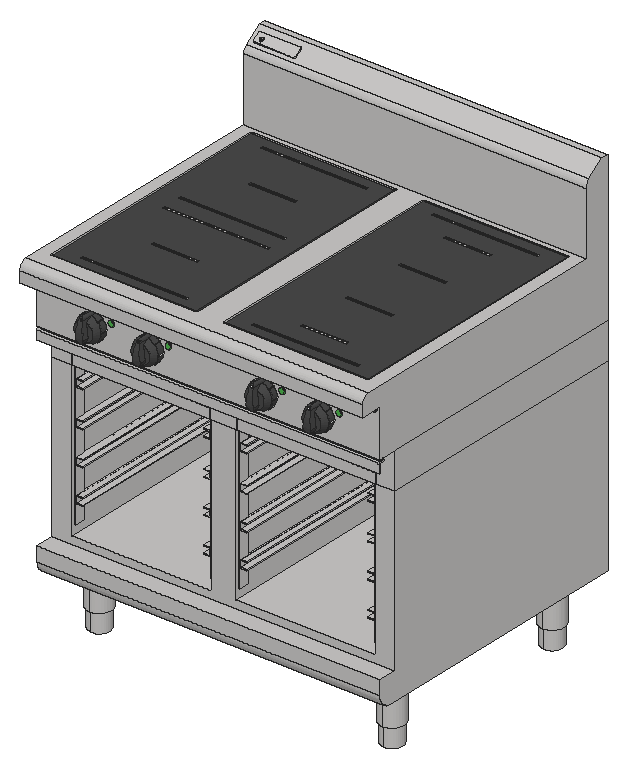
Revit family "QF_Moffat_IN8400R5F-CB_Induction Cooktop_cat", category Specialty Equipment, Revit 2019
Family settings
  Round Connector Dimension = Use Diameter
  Part Type = Normal
  Work Plane-Based = No
  Always vertical = Yes
  Cut with Voids When Loaded = No
  Shared = No
  Room Calculation Point = No
Parameters (values of type "INB8400R5F-CB_415/60/3")
  Weight in Kilograms = 105
  Watts = 20000 W
  Volts = 415 V
  URL Cutsheet = ""
  Specification by User = ""
  Specification by Manufacturer = ""
  Show Logo [instance] = yes
  Serial Number = ""
  Seismic Rating = ""
  SMACNA No = ""
  Revision Code = ""
  Phase = 3
  Number of Poles = 1
  NAFEM Spec ID Number = ""
  Model = "IN8400R5F-CB"
  Min Ckt Ampacity = 0 A
  Max Overcurrent Protection = 0 A
  Masterspec = ""
  Manufacturer = "Moffat"
  Length = 900 mm
  Item Number = ""
  Installed By = ""
  Identify Quantity as Lot = yes
  Height = 1130 mm
  HP = ""
  Furnished By = ""
  Foodservice Equipment Identifier = yes
  FL Amps = 28 A
  Electrical Remarks = ""
  Electric Connection Type = ""
  Elec Conn RI Height = 0 mm
  Elec Conn Connection Height = 0 mm
  Description = "Induction Cooktop"
  Depth = 805 mm
  Cycle = 60 Hz
  Conn Plug = ""
  Conn Conduit = yes
  CSI MasterFormat = ""
  Apparent Power = if(Phase = 3, Volts * FL Amps * 1.73, Volts * FL Amps)  # 20102.6 VA
Reference planes
  plane 1 "BACK": y = 0
  plane 2: z = 0
  plane 3 "LEFT": x = 0
  plane 4 "RIGHT": x = 900
  plane 5 "FRONT": y = -805
  plane 6 "TOP": z = 1130
  plane 7 "Center Y": x = 450
  plane 8 "Center X": y = -402.5
  plane 9: x = 65.5
  plane 10: x = 834.5
  plane 11: y = -30
  plane 12: z = 150
  plane 13: y = -100
  plane 14: y = -625
  plane 15: y = -70
  plane 16: z = 915
  plane 17: x = 770
Forms (mm)
  Extrusion 1, solid, material "QF_Metal_Stainless_Polished"
    sketch origin (0, 0, 560) x (0, 1, 0) y (0, 0, 1)
      loop
        line (0, 180) -> (0, 570) -> (-18.182, 570) -> (-60.863, 538.99)
        arc (-60.863, 538.99) -> (-67.584, 531.121) -> (-70, 521.058) r 22.165
        line (-70, 521.058) -> (-70, 355) -> (-784.417, 355)
        arc (-784.417, 355) -> (-798.971, 348.971) -> (-805, 334.417) r 20.583
        line (-805, 334.417) -> (-805, 305) -> (-749, 305) -> (-749, 180) -> (0, 180)
    from 0 to 900
  Extrusion 2, void
    sketch origin (0, -784.171, 915) x (0, 1, 0) y (-1, 0, 0)
      loop
        arc (699.341, -37.323) -> (697.584, -33.08) -> (693.341, -31.323) r 6
        line (693.341, -31.323) -> (45.245, -31.323)
        arc (45.245, -31.323) -> (41.002, -33.08) -> (39.245, -37.323) r 6
        line (39.245, -37.323) -> (39.245, -410.105)
        arc (39.245, -410.105) -> (41.002, -414.347) -> (45.245, -416.105) r 6
        line (45.245, -416.105) -> (693.341, -416.105)
        arc (693.341, -416.105) -> (697.584, -414.347) -> (699.341, -410.105) r 6
        line (699.341, -410.105) -> (699.341, -37.323)
      loop
        line (699.341, -862.677) -> (699.341, -489.895)
        arc (699.341, -489.895) -> (697.584, -485.653) -> (693.341, -483.895) r 6
        line (693.341, -483.895) -> (45.245, -483.895)
        arc (45.245, -483.895) -> (41.002, -485.653) -> (39.245, -489.895) r 6
        line (39.245, -489.895) -> (39.245, -862.677)
        arc (39.245, -862.677) -> (41.002, -866.92) -> (45.245, -868.677) r 6
        line (45.245, -868.677) -> (693.341, -868.677)
        arc (693.341, -868.677) -> (697.584, -866.92) -> (699.341, -862.677) r 6
    from 0 to -9.5
  Extrusion 3, solid, material "QF_Plastic_Black_Smooth"
    sketch origin (0, -784.171, 915) x (0, 1, 0) y (-1, 0, 0)
      loop
        line (695.341, -410.105) -> (695.341, -37.323)
        arc (695.341, -37.323) -> (694.755, -35.908) -> (693.341, -35.323) r 2
        line (693.341, -35.323) -> (45.245, -35.323)
        arc (45.245, -35.323) -> (43.831, -35.908) -> (43.245, -37.323) r 2
        line (43.245, -37.323) -> (43.245, -410.105)
        arc (43.245, -410.105) -> (43.831, -411.519) -> (45.245, -412.105) r 2
        line (45.245, -412.105) -> (693.341, -412.105)
        arc (693.341, -412.105) -> (694.755, -411.519) -> (695.341, -410.105) r 2
      loop
        line (667.194, -86.598) -> (661.194, -86.598) -> (661.194, -363.75) -> (667.194, -363.75) -> (667.194, -86.598)
      loop
        line (526.611, -163.924) -> (526.611, -283.924) -> (532.611, -283.924) -> (532.611, -163.924) -> (526.611, -163.924)
      loop
        line (398.444, -86.598) -> (392.444, -86.598) -> (392.444, -363.75) -> (398.444, -363.75) -> (398.444, -86.598)
      loop
        line (345.944, -86.598) -> (339.944, -86.598) -> (339.944, -363.75) -> (345.944, -363.75) -> (345.944, -86.598)
      loop
        line (206.611, -163.924) -> (206.611, -283.924) -> (212.611, -283.924) -> (212.611, -163.924) -> (206.611, -163.924)
      loop
        line (77.194, -86.598) -> (71.194, -86.598) -> (71.194, -363.75) -> (77.194, -363.75) -> (77.194, -86.598)
      loop
        arc (695.341, -489.895) -> (694.755, -488.481) -> (693.341, -487.895) r 2
        line (693.341, -487.895) -> (45.245, -487.895)
        arc (45.245, -487.895) -> (43.831, -488.481) -> (43.245, -489.895) r 2
        line (43.245, -489.895) -> (43.245, -862.677)
        arc (43.245, -862.677) -> (43.831, -864.092) -> (45.245, -864.677) r 2
        line (45.245, -864.677) -> (693.341, -864.677)
        arc (693.341, -864.677) -> (694.755, -864.092) -> (695.341, -862.677) r 2
        line (695.341, -862.677) -> (695.341, -489.895)
      loop
        line (667.194, -813.402) -> (667.194, -536.25) -> (661.194, -536.25) -> (661.194, -813.402) -> (667.194, -813.402)
      loop
        line (601.611, -736.076) -> (607.611, -736.076) -> (607.611, -616.076) -> (601.611, -616.076) -> (601.611, -736.076)
      loop
        line (279.111, -736.076) -> (285.111, -736.076) -> (285.111, -616.076) -> (279.111, -616.076) -> (279.111, -736.076)
      loop
        line (77.194, -813.402) -> (77.194, -536.25) -> (71.194, -536.25) -> (71.194, -813.402) -> (77.194, -813.402)
      loop
        line (454.501, -736.076) -> (460.501, -736.076) -> (460.501, -616.076) -> (454.501, -616.076) -> (454.501, -736.076)
      loop
        line (131.211, -736.076) -> (137.211, -736.076) -> (137.211, -616.076) -> (131.211, -616.076) -> (131.211, -736.076)
    from 0 to -9.5
  Extrusion 4, solid, material "QF_Metal_Stainless_Polished"
    sketch origin (0, 0, 600) x (0, 1, 0) y (0, 0, 1)
      loop
        line (-739.467, 140) -> (-738.192, 134.838)
        arc (-738.192, 134.838) -> (-738.307, 134.302) -> (-738.799, 134.063) r 0.625
        line (-738.799, 134.063) -> (-746.111, 134.063)
        arc (-746.111, 134.063) -> (-748.011, 133.276) -> (-748.797, 131.377) r 2.686
        line (-748.797, 131.377) -> (-748.797, 107.627) -> (-747.197, 107.627) -> (-747.197, 131.242)
        arc (-747.197, 131.242) -> (-746.84, 132.105) -> (-745.976, 132.463) r 1.221
        line (-745.976, 132.463) -> (-738.755, 132.463)
        arc (-738.755, 132.463) -> (-737.028, 133.304) -> (-736.625, 135.182) r 2.194
        line (-736.625, 135.182) -> (-737.815, 140) -> (-739.467, 140)
    from 0 to 900
  Extrusion 5, solid, material "QF_Plastic_Black_Smooth"
    sketch origin (0, -749, 741.875) x (0, 0, 1) y (-1, 0, 0)
      loop
        circle (112.843, -13.157) r 5
      loop
        circle (112.843, -886.843) r 5
    from 0 to 1.6
  Extrusion 6, solid, material "QF_Metal_Stainless_Polished"
    sketch origin (450, -699, 645) x (0, 1, 0) y (1, 0, 0)
      loop
        circle (669, 320) r 6.35
    from 0 to 10
  Extrusion 7, solid, material "QF_Metal_Stainless_Polished"
    sketch origin (0, -699, 645) x (1, 0, 0) y (0, -1, 0)
      loop
        line (0, -699) -> (900, -699) -> (900, 0) -> (849.2, 0) -> (849.2, -25.4) -> (485.8, -25.4) -> (485.8, 0) -> (414.2, 0) -> (414.2, -25.4) -> (50.8, -25.4) -> (50.8, 0) -> (0, 0) -> (0, -699)
    from 0 to -95
  Extrusion 8, solid, material "QF_Metal_Stainless_Polished"
    sketch origin (50.8, -30, 645) x (0, 1, 0) y (0, 0, 1)
      loop
        line (-669, 0) -> (-643.6, 0) -> (-643.6, 26.45) -> (-669, 26.45) -> (-669, 0)
      loop
        line (-669, 32.45) -> (-643.6, 32.45) -> (-643.6, 66.4) -> (-669, 66.4) -> (-669, 32.45)
      loop
        line (-669, 67.4) -> (-643.6, 67.4) -> (-643.6, 95) -> (-669, 95) -> (-669, 67.4)
    from 0 to 363.4
  Extrusion 9, solid, material "QF_Metal_Stainless_Polished"
    sketch origin (900, 0, 560) x (-1, 0, 0) y (0, -1, 0)
      loop
        line (536.25, 122.976) -> (536.25, 116.976) -> (813.402, 116.976) -> (813.402, 122.976) -> (536.25, 122.976)
      loop
        line (736.076, 251.56) -> (736.076, 257.56) -> (616.076, 257.56) -> (616.076, 251.56) -> (736.076, 251.56)
      loop
        line (813.402, 385.726) -> (813.402, 391.726) -> (536.25, 391.726) -> (536.25, 385.726) -> (813.402, 385.726)
      loop
        line (813.402, 438.226) -> (813.402, 444.226) -> (536.25, 444.226) -> (536.25, 438.226) -> (813.402, 438.226)
      loop
        line (736.076, 571.56) -> (736.076, 577.56) -> (616.076, 577.56) -> (616.076, 571.56) -> (736.076, 571.56)
      loop
        line (536.25, 712.976) -> (536.25, 706.976) -> (813.402, 706.976) -> (813.402, 712.976) -> (536.25, 712.976)
      loop
        line (86.598, 712.976) -> (86.598, 706.976) -> (363.75, 706.976) -> (363.75, 712.976) -> (86.598, 712.976)
      loop
        line (163.924, 652.959) -> (163.924, 646.959) -> (283.924, 646.959) -> (283.924, 652.959) -> (163.924, 652.959)
      loop
        line (163.924, 505.06) -> (163.924, 499.06) -> (283.924, 499.06) -> (283.924, 505.06) -> (163.924, 505.06)
      loop
        line (163.924, 329.669) -> (163.924, 323.669) -> (283.924, 323.669) -> (283.924, 329.669) -> (163.924, 329.669)
      loop
        line (163.924, 182.56) -> (163.924, 176.56) -> (283.924, 176.56) -> (283.924, 182.56) -> (163.924, 182.56)
      loop
        line (86.598, 122.976) -> (86.598, 116.976) -> (363.75, 116.976) -> (363.75, 122.976) -> (86.598, 122.976)
    from 355 to 345.5
  Extrusion 10, solid, material "QF_Paint_Green"
    sketch origin (63.231, -748.999, 713.75) x (0, 0, 1) y (-1, 0, 0)
      loop
        circle (100.3, -282.5) r 7.15
    from 0 to 1.6
  Extrusion 11, solid, material "QF_Plastic_Black_Smooth"
    sketch origin (75, -748.999, 725.625) x (0, 0, 1) y (-1, 0, 0)
      loop
        circle (112.843, -225) r 5
    from 0 to 1.6
  Extrusion 12, solid, material "QF_Paint_Green"
    sketch origin (-86.769, -748.999, 713.75) x (0, 0, 1) y (-1, 0, 0)
      loop
        circle (100.3, -282.5) r 7.15
    from 0 to 1.6
  Extrusion 13, solid, material "QF_Plastic_Black_Smooth"
    sketch origin (-75, -748.999, 725.625) x (0, 0, 1) y (-1, 0, 0)
      loop
        circle (112.843, -225) r 5
    from 0 to 1.6
  Extrusion 14, solid, material "QF_Paint_Green"
    sketch origin (511.981, -748.999, 713.75) x (0, 0, 1) y (-1, 0, 0)
      loop
        circle (100.3, -282.5) r 7.15
    from 0 to 1.6
  Extrusion 15, solid, material "QF_Plastic_Black_Smooth"
    sketch origin (523.75, -748.999, 725.625) x (0, 0, 1) y (-1, 0, 0)
      loop
        circle (112.843, -225) r 5
    from 0 to 1.6
  Extrusion 16, solid, material "QF_Paint_Green"
    sketch origin (361.981, -748.999, 713.75) x (0, 0, 1) y (-1, 0, 0)
      loop
        circle (100.3, -282.5) r 7.15
    from 0 to 1.6
  Extrusion 17, solid, material "QF_Plastic_Black_Smooth"
    sketch origin (373.75, -748.999, 725.625) x (0, 0, 1) y (-1, 0, 0)
      loop
        circle (112.843, -225) r 5
    from 0 to 1.6
  Extrusion 18, solid, material "QF_Metal_Stainless_Polished"
    sketch origin (849.2, -30, 645) x (0, 1, 0) y (0, 0, -1)
      loop
        line (-669, 0) -> (-669, -26.45) -> (-643.6, -26.45) -> (-643.6, 0) -> (-669, 0)
      loop
        line (-669, -32.45) -> (-669, -66.4) -> (-643.6, -66.4) -> (-643.6, -32.45) -> (-669, -32.45)
      loop
        line (-669, -67.4) -> (-669, -95) -> (-643.6, -95) -> (-643.6, -67.4) -> (-669, -67.4)
    from 0 to 363.4
Cuts and joins
  Extrusion 2 cuts Extrusion 1
Lines and regions (mm)
  symbolic lines
    curve 1: line (0, 0, 0) -> (900, 0, 0)
    curve 2: line (0, -805, 0) -> (0, 0, 0)
    curve 3: line (900, -805, 0) -> (0, -805, 0)
    curve 4: line (900, 0, 0) -> (900, -805, 0)
    curve 5: line (0, -18.182, 0) -> (900, -18.182, 0)
    curve 6: line (0, -70, 0) -> (450, -70, 0)
    curve 7: line (37.323, -84.83, 0) -> (410.105, -84.83, 0)
    curve 8: arc (410.105, -84.83, 0) -> (414.347, -86.587, 0) -> (416.105, -90.83, 0) r 6
    curve 9: line (416.105, -90.83, 0) -> (416.105, -738.926, 0)
    curve 10: arc (416.105, -738.926, 0) -> (414.347, -743.168, 0) -> (410.105, -744.926, 0) r 6
    curve 11: line (410.105, -744.926, 0) -> (37.323, -744.926, 0)
    curve 12: arc (37.323, -744.926, 0) -> (33.08, -743.168, 0) -> (31.323, -738.926, 0) r 6
    curve 13: line (31.323, -738.926, 0) -> (31.323, -90.83, 0)
    curve 14: arc (31.323, -90.83, 0) -> (33.08, -86.587, 0) -> (37.323, -84.83, 0) r 6
    curve 15: line (410.105, -88.83, 0) -> (37.323, -88.83, 0)
    curve 16: arc (37.323, -88.83, 0) -> (35.908, -89.415, 0) -> (35.323, -90.83, 0) r 2
    curve 17: line (35.323, -90.83, 0) -> (35.323, -738.926, 0)
    curve 18: arc (35.323, -738.926, 0) -> (35.908, -740.34, 0) -> (37.323, -740.926, 0) r 2
    curve 19: line (37.323, -740.926, 0) -> (410.105, -740.926, 0)
    curve 20: arc (410.105, -740.926, 0) -> (411.519, -740.34, 0) -> (412.105, -738.926, 0) r 2
    curve 21: line (412.105, -738.926, 0) -> (412.105, -90.83, 0)
    curve 22: arc (412.105, -90.83, 0) -> (411.519, -89.415, 0) -> (410.105, -88.83, 0) r 2
    curve 23: line (416.105, -738.926, 0) -> (416.105, -90.83, 0)
    curve 24: line (412.105, -90.83, 0) -> (412.105, -738.926, 0)
    curve 25: line (862.677, -84.83, 0) -> (489.895, -84.83, 0)
    curve 26: arc (489.895, -84.83, 0) -> (485.653, -86.587, 0) -> (483.895, -90.83, 0) r 6
    curve 27: arc (483.895, -738.926, 0) -> (485.653, -743.168, 0) -> (489.895, -744.926, 0) r 6
    curve 28: line (489.895, -744.926, 0) -> (862.677, -744.926, 0)
    curve 29: arc (862.677, -744.926, 0) -> (866.92, -743.168, 0) -> (868.677, -738.926, 0) r 6
    curve 30: line (868.677, -738.926, 0) -> (868.677, -90.83, 0)
    curve 31: arc (868.677, -90.83, 0) -> (866.92, -86.587, 0) -> (862.677, -84.83, 0) r 6
    curve 32: line (489.895, -88.83, 0) -> (862.677, -88.83, 0)
    curve 33: arc (862.677, -88.83, 0) -> (864.092, -89.415, 0) -> (864.677, -90.83, 0) r 2
    curve 34: line (864.677, -90.83, 0) -> (864.677, -738.926, 0)
    curve 35: arc (864.677, -738.926, 0) -> (864.092, -740.34, 0) -> (862.677, -740.926, 0) r 2
    curve 36: line (862.677, -740.926, 0) -> (489.895, -740.926, 0)
    curve 37: arc (489.895, -740.926, 0) -> (488.481, -740.34, 0) -> (487.895, -738.926, 0) r 2
    curve 38: arc (487.895, -90.83, 0) -> (488.481, -89.415, 0) -> (489.895, -88.83, 0) r 2
    curve 39: line (487.895, -90.83, 0) -> (487.895, -738.926, 0)
    curve 40: arc (487.895, -738.926, 0) -> (488.481, -740.34, 0) -> (489.895, -740.926, 0) r 2
    curve 41: line (489.895, -740.926, 0) -> (862.677, -740.926, 0)
    curve 42: arc (862.677, -740.926, 0) -> (864.092, -740.34, 0) -> (864.677, -738.926, 0) r 2
    curve 43: line (864.677, -738.926, 0) -> (864.677, -90.83, 0)
    curve 44: arc (864.677, -90.83, 0) -> (864.092, -89.415, 0) -> (862.677, -88.83, 0) r 2
    curve 45: line (862.677, -88.83, 0) -> (489.895, -88.83, 0)
    curve 46: arc (489.895, -88.83, 0) -> (488.481, -89.415, 0) -> (487.895, -90.83, 0) r 2
    curve 47: line (483.895, -90.83, 0) -> (483.895, -738.926, 0)
    curve 48: arc (483.895, -738.926, 0) -> (485.653, -743.168, 0) -> (489.895, -744.926, 0) r 6
    curve 49: line (489.895, -744.926, 0) -> (862.677, -744.926, 0)
    curve 50: arc (862.677, -744.926, 0) -> (866.92, -743.168, 0) -> (868.677, -738.926, 0) r 6
    curve 51: line (868.677, -738.926, 0) -> (868.677, -90.83, 0)
    curve 52: arc (868.677, -90.83, 0) -> (866.92, -86.587, 0) -> (862.677, -84.83, 0) r 6
    curve 53: line (862.677, -84.83, 0) -> (489.895, -84.83, 0)
    curve 54: arc (489.895, -84.83, 0) -> (485.653, -86.587, 0) -> (483.895, -90.83, 0) r 6
    curve 55: line (86.598, -122.976, 0) -> (363.75, -122.976, 0)
    curve 56: line (363.75, -122.976, 0) -> (363.75, -116.976, 0)
    curve 57: line (363.75, -116.976, 0) -> (86.598, -116.976, 0)
    curve 58: line (86.598, -116.976, 0) -> (86.598, -122.976, 0)
    curve 59: line (283.924, -251.56, 0) -> (163.924, -251.56, 0)
    curve 60: line (163.924, -251.56, 0) -> (163.924, -257.56, 0)
    curve 61: line (163.924, -257.56, 0) -> (283.924, -257.56, 0)
    curve 62: line (283.924, -257.56, 0) -> (283.924, -251.56, 0)
    curve 63: line (536.25, -122.976, 0) -> (813.402, -122.976, 0)
    curve 64: line (813.402, -122.976, 0) -> (813.402, -116.976, 0)
    curve 65: line (813.402, -116.976, 0) -> (536.25, -116.976, 0)
    curve 66: line (536.25, -116.976, 0) -> (536.25, -122.976, 0)
    curve 67: line (736.076, -176.56, 0) -> (616.076, -176.56, 0)
    curve 68: line (616.076, -176.56, 0) -> (616.076, -182.56, 0)
    curve 69: line (616.076, -182.56, 0) -> (736.076, -182.56, 0)
    curve 70: line (736.076, -182.56, 0) -> (736.076, -176.56, 0)
    curve 71: line (736.076, -323.669, 0) -> (616.076, -323.669, 0)
    curve 72: line (616.076, -323.669, 0) -> (616.076, -329.669, 0)
    curve 73: line (616.076, -329.669, 0) -> (736.076, -329.669, 0)
    curve 74: line (736.076, -329.669, 0) -> (736.076, -323.669, 0)
    curve 75: line (736.076, -499.06, 0) -> (616.076, -499.06, 0)
    curve 76: line (616.076, -499.06, 0) -> (616.076, -505.06, 0)
    curve 77: line (616.076, -505.06, 0) -> (736.076, -505.06, 0)
    curve 78: line (736.076, -505.06, 0) -> (736.076, -499.06, 0)
    curve 79: line (736.076, -646.959, 0) -> (616.076, -646.959, 0)
    curve 80: line (616.076, -646.959, 0) -> (616.076, -652.959, 0)
    curve 81: line (616.076, -652.959, 0) -> (736.076, -652.959, 0)
    curve 82: line (736.076, -652.959, 0) -> (736.076, -646.959, 0)
    curve 83: line (813.402, -706.976, 0) -> (536.25, -706.976, 0)
    curve 84: line (536.25, -706.976, 0) -> (536.25, -712.976, 0)
    curve 85: line (536.25, -712.976, 0) -> (813.402, -712.976, 0)
    curve 86: line (813.402, -712.976, 0) -> (813.402, -706.976, 0)
    curve 87: line (86.598, -712.976, 0) -> (363.75, -712.976, 0)
    curve 88: line (363.75, -712.976, 0) -> (363.75, -706.976, 0)
    curve 89: line (363.75, -706.976, 0) -> (86.598, -706.976, 0)
    curve 90: line (86.598, -706.976, 0) -> (86.598, -712.976, 0)
    curve 91: line (283.924, -577.56, 0) -> (163.924, -577.56, 0)
    curve 92: line (163.924, -577.56, 0) -> (163.924, -571.56, 0)
    curve 93: line (163.924, -571.56, 0) -> (283.924, -571.56, 0)
    curve 94: line (283.924, -571.56, 0) -> (283.924, -577.56, 0)
    curve 95: line (86.598, -444.226, 0) -> (363.75, -444.226, 0)
    curve 96: line (363.75, -444.226, 0) -> (363.75, -438.226, 0)
    curve 97: line (363.75, -438.226, 0) -> (86.598, -438.226, 0)
    curve 98: line (86.598, -438.226, 0) -> (86.598, -444.226, 0)
    curve 99: line (86.598, -391.726, 0) -> (363.75, -391.726, 0)
    curve 100: line (363.75, -391.726, 0) -> (363.75, -385.726, 0)
    curve 101: line (363.75, -385.726, 0) -> (86.598, -385.726, 0)
    curve 102: line (86.598, -385.726, 0) -> (86.598, -391.726, 0)
    curve 103: line (0, 0, 560) -> (900, 0, 560)
    curve 104: line (0, -805, 560) -> (0, 0, 560)
    curve 105: line (900, -805, 560) -> (0, -805, 560)
    curve 106: line (900, 0, 560) -> (900, -805, 560)
    curve 107: line (0, -18.182, 560) -> (900, -18.182, 560)
    curve 108: line (0, -70, 560) -> (900, -70, 560)
    curve 109: line (416.105, -90.83, 560) -> (416.105, -738.926, 560)
    curve 110: line (412.105, -738.926, 560) -> (412.105, -90.83, 560)
    curve 111: line (416.105, -738.926, 560) -> (416.105, -90.83, 560)
    curve 112: line (412.105, -90.83, 560) -> (412.105, -738.926, 560)
    curve 113: line (862.677, -84.83, 560) -> (489.895, -84.83, 560)
    curve 114: arc (483.895, -738.926, 560) -> (485.653, -743.168, 560) -> (489.895, -744.926, 560) r 6
    curve 115: line (489.895, -744.926, 560) -> (862.677, -744.926, 560)
    curve 116: arc (862.677, -744.926, 560) -> (866.92, -743.168, 560) -> (868.677, -738.926, 560) r 6
    curve 117: arc (864.677, -738.926, 560) -> (864.092, -740.34, 560) -> (862.677, -740.926, 560) r 2
    curve 118: line (862.677, -740.926, 560) -> (489.895, -740.926, 560)
    curve 119: arc (489.895, -740.926, 560) -> (488.481, -740.34, 560) -> (487.895, -738.926, 560) r 2
    curve 120: arc (487.895, -738.926, 560) -> (488.481, -740.34, 560) -> (489.895, -740.926, 560) r 2
    curve 121: line (489.895, -740.926, 560) -> (862.677, -740.926, 560)
    curve 122: arc (862.677, -740.926, 560) -> (864.092, -740.34, 560) -> (864.677, -738.926, 560) r 2
    curve 123: arc (483.895, -738.926, 560) -> (485.653, -743.168, 560) -> (489.895, -744.926, 560) r 6
    curve 124: line (489.895, -744.926, 560) -> (862.677, -744.926, 560)
    curve 125: arc (862.677, -744.926, 560) -> (866.92, -743.168, 560) -> (868.677, -738.926, 560) r 6
    curve 126: line (86.598, -122.976, 560) -> (363.75, -122.976, 560)
    curve 127: line (363.75, -122.976, 560) -> (363.75, -116.976, 560)
    curve 128: line (363.75, -116.976, 560) -> (86.598, -116.976, 560)
    curve 129: line (86.598, -116.976, 560) -> (86.598, -122.976, 560)
    curve 130: line (283.924, -251.56, 560) -> (163.924, -251.56, 560)
    curve 131: line (163.924, -251.56, 560) -> (163.924, -257.56, 560)
    curve 132: line (163.924, -257.56, 560) -> (283.924, -257.56, 560)
    curve 133: line (283.924, -257.56, 560) -> (283.924, -251.56, 560)
    curve 134: line (536.25, -122.976, 560) -> (813.402, -122.976, 560)
    curve 135: line (813.402, -122.976, 560) -> (813.402, -116.976, 560)
    curve 136: line (813.402, -116.976, 560) -> (536.25, -116.976, 560)
    curve 137: line (536.25, -116.976, 560) -> (536.25, -122.976, 560)
    curve 138: line (736.076, -176.56, 560) -> (616.076, -176.56, 560)
    curve 139: line (616.076, -176.56, 560) -> (616.076, -182.56, 560)
    curve 140: line (616.076, -182.56, 560) -> (736.076, -182.56, 560)
    curve 141: line (736.076, -182.56, 560) -> (736.076, -176.56, 560)
    curve 142: line (736.076, -323.669, 560) -> (616.076, -323.669, 560)
    curve 143: line (616.076, -323.669, 560) -> (616.076, -329.669, 560)
    curve 144: line (616.076, -329.669, 560) -> (736.076, -329.669, 560)
    curve 145: line (736.076, -329.669, 560) -> (736.076, -323.669, 560)
    curve 146: line (736.076, -499.06, 560) -> (616.076, -499.06, 560)
    curve 147: line (616.076, -499.06, 560) -> (616.076, -505.06, 560)
    curve 148: line (616.076, -505.06, 560) -> (736.076, -505.06, 560)
    curve 149: line (736.076, -505.06, 560) -> (736.076, -499.06, 560)
    curve 150: line (736.076, -646.959, 560) -> (616.076, -646.959, 560)
    curve 151: line (616.076, -646.959, 560) -> (616.076, -652.959, 560)
    curve 152: line (616.076, -652.959, 560) -> (736.076, -652.959, 560)
    curve 153: line (736.076, -652.959, 560) -> (736.076, -646.959, 560)
    curve 154: line (813.402, -706.976, 560) -> (536.25, -706.976, 560)
    curve 155: line (536.25, -706.976, 560) -> (536.25, -712.976, 560)
    curve 156: line (536.25, -712.976, 560) -> (813.402, -712.976, 560)
    curve 157: line (813.402, -712.976, 560) -> (813.402, -706.976, 560)
    curve 158: line (86.598, -712.976, 560) -> (363.75, -712.976, 560)
    curve 159: line (363.75, -712.976, 560) -> (363.75, -706.976, 560)
    curve 160: line (363.75, -706.976, 560) -> (86.598, -706.976, 560)
    curve 161: line (86.598, -706.976, 560) -> (86.598, -712.976, 560)
    curve 162: line (283.924, -577.56, 560) -> (163.924, -577.56, 560)
    curve 163: line (163.924, -577.56, 560) -> (163.924, -571.56, 560)
    curve 164: line (163.924, -571.56, 560) -> (283.924, -571.56, 560)
    curve 165: line (283.924, -571.56, 560) -> (283.924, -577.56, 560)
    curve 166: line (86.598, -444.226, 560) -> (363.75, -444.226, 560)
    curve 167: line (363.75, -444.226, 560) -> (363.75, -438.226, 560)
    curve 168: line (363.75, -438.226, 560) -> (86.598, -438.226, 560)
    curve 169: line (86.598, -438.226, 560) -> (86.598, -444.226, 560)
    curve 170: line (86.598, -391.726, 560) -> (363.75, -391.726, 560)
    curve 171: line (363.75, -391.726, 560) -> (363.75, -385.726, 560)
    curve 172: line (363.75, -385.726, 560) -> (86.598, -385.726, 560)
    curve 173: line (86.598, -385.726, 560) -> (86.598, -391.726, 560)
Dimensions and locks
  equal spacing: plane 3 "LEFT", plane 7 "Center Y", plane 4 "RIGHT"
  "Length": plane 3 "LEFT" to plane 4 "RIGHT"
  equal spacing: plane 5 "FRONT", plane 8 "Center X", plane 1 "BACK"
  "Depth": plane 5 "FRONT" to plane 1 "BACK"
  "Height": plane 6 "TOP" to level
  plane 9 to plane 10 = 769 mm
  plane 4 "RIGHT" to plane 3 "LEFT" = 900 mm
  plane 6 "TOP" to plane 2 = 1130 mm
  plane 1 "BACK" to plane 11 = 30 mm
  plane 1 "BACK" to plane 13 to plane 14 = 100 mm, 525 mm
  plane 1 "BACK" to plane 15 = 70 mm
  plane 16 to level = 915 mm  (x2)
  level to plane 12 = 150 mm
  plane 12 to level = 150 mm
  plane 4 "RIGHT" to plane 17 = 130 mm
  plane 1 "BACK" to plane 5 "FRONT" = 805 mm
  locked: plane 10 to plane 4 "RIGHT" at 65.5
  aligned and locked: level to plane 2
  aligned and locked: Extrusion 18 to Extrusion 7  (x2)
Automatic sketch dimensions
  curve 8 to curve 22 = 0 mm  (x2)
  curve 10 to curve 20 = 0 mm  (x2)
  curve 12 to curve 18 = 0 mm  (x2)
  curve 14 to curve 16 = 0 mm  (x2)
  curve 26 to curve 38 = 0 mm  (x2)
  curve 26 to curve 46 = 0 mm  (x2)
  curve 26 to curve 54 = 0 mm  (x2)
  curve 27 to curve 37 = 0 mm  (x2)
  curve 27 to curve 40 = 0 mm  (x2)
  curve 27 to curve 48 = 0 mm  (x2)
  curve 29 to curve 35 = 0 mm  (x2)
  curve 29 to curve 42 = 0 mm  (x2)
  curve 29 to curve 50 = 0 mm  (x2)
  curve 31 to curve 33 = 0 mm  (x2)
  curve 31 to curve 44 = 0 mm  (x2)
  curve 31 to curve 52 = 0 mm  (x2)
  curve 33 to curve 44 = 0 mm  (x2)
  curve 33 to curve 52 = 0 mm  (x2)
  curve 35 to curve 42 = 0 mm  (x2)
  curve 35 to curve 50 = 0 mm  (x2)
  curve 37 to curve 40 = 0 mm  (x2)
  curve 37 to curve 48 = 0 mm  (x2)
  curve 38 to curve 46 = 0 mm  (x2)
  curve 38 to curve 54 = 0 mm  (x2)
  curve 40 to curve 48 = 0 mm  (x2)
  curve 42 to curve 50 = 0 mm  (x2)
  curve 44 to curve 52 = 0 mm  (x2)
  curve 46 to curve 54 = 0 mm  (x2)
  plane 1 "BACK" to curve 1 = 0 mm
  curve 1 to plane 3 "LEFT" = 0 mm
  curve 6 to plane 7 "Center Y" = 0 mm
  curve 5 to plane 4 "RIGHT" = 0 mm
  plane 5 "FRONT" to curve 3 = 0 mm
  plane 15 to curve 6 = 0 mm
  plane 3 "LEFT" to curve 13 = 31.323 mm
  curve 13 to curve 17 = 4 mm
  curve 17 to curve 16 = 2 mm
  curve 17 to curve 18 = 2 mm
  curve 102 to plane 9 = 21.098 mm
  curve 57 to plane 9 = 21.098 mm
  curve 87 to plane 9 = 21.098 mm
  curve 95 to plane 9 = 21.098 mm
  curve 91 to plane 14 = 47.44 mm
  curve 91 to plane 9 = 98.424 mm
  curve 60 to plane 9 = 98.424 mm
  curve 60 to curve 61 = 120 mm
  curve 93 to plane 14 = 53.44 mm
  curve 92 to curve 93 = 120 mm
  curve 96 to plane 8 "Center X" = 41.726 mm
  curve 96 to plane 7 "Center Y" = 86.25 mm
  plane 8 "Center X" to curve 99 = 10.774 mm
  curve 99 to curve 96 = 0 mm
  plane 13 to curve 56 = 16.976 mm
  curve 56 to plane 7 "Center Y" = 86.25 mm
  curve 89 to plane 7 "Center Y" = 86.25 mm
  curve 8 to plane 13 = 9.17 mm
  curve 8 to plane 7 "Center Y" = 39.895 mm
  curve 10 to plane 7 "Center Y" = 39.895 mm
  curve 8 to curve 21 = 2 mm
  plane 7 "Center Y" to curve 47 = 33.895 mm
  curve 27 to curve 39 = 4 mm
  curve 38 to curve 46 = 2 mm
  curve 37 to curve 36 = 2 mm
  plane 13 to curve 66 = 22.976 mm
  curve 26 to curve 66 = 46.355 mm
  curve 27 to curve 85 = 46.355 mm
  curve 63 to curve 67 = 79.826 mm
  curve 77 to plane 17 = 153.924 mm
  plane 14 to curve 80 = 21.959 mm
  curve 83 to curve 80 = 79.826 mm
  plane 8 "Center X" to curve 73 = 72.831 mm
  curve 73 to curve 68 = 0 mm
  curve 77 to plane 17 = 33.924 mm
  curve 67 to plane 17 = 33.924 mm
  curve 71 to plane 17 = 33.924 mm
  curve 79 to plane 17 = 33.924 mm
  plane 10 to curve 63 = 21.098 mm
  plane 10 to curve 85 = 21.098 mm
  curve 42 to plane 10 = 28.177 mm
  curve 32 to plane 13 = 11.17 mm
  curve 32 to plane 10 = 28.177 mm
  curve 31 to curve 34 = 2 mm
  curve 49 to plane 5 "FRONT" = 60.074 mm
  curve 11 to plane 5 "FRONT" = 60.074 mm
  curve 27 to curve 84 = 25.949 mm
  curve 10 to curve 87 = 25.949 mm
  curve 85 to curve 83 = 6 mm
  curve 87 to curve 90 = 6 mm
  curve 81 to curve 79 = 6 mm
  curve 78 to plane 8 "Center X" = 102.56 mm
  curve 77 to curve 75 = 6 mm
  curve 95 to curve 98 = 6 mm
  curve 99 to curve 100 = 6 mm
  curve 73 to curve 74 = 6 mm
  plane 8 "Center X" to curve 62 = 144.94 mm
  curve 61 to curve 62 = 6 mm
  plane 13 to curve 70 = 82.56 mm
  curve 68 to curve 68 = 6 mm
  curve 58 to curve 57 = 6 mm
  curve 63 to curve 65 = 6 mm
  curve 5 to plane 11 = 11.818 mm
  Extrusion 1 sketch curve to plane 5 "FRONT" = 0 mm
  Extrusion 1 sketch curve to plane 16 = 0 mm
  Extrusion 1 sketch curve to plane 15 = 0 mm
  Extrusion 1 sketch curve to plane 6 "TOP" = 0 mm
  Extrusion 1 sketch curve to plane 1 "BACK" = 0 mm
  Extrusion 1 sketch curve to plane 5 "FRONT" = 20.583 mm
  Extrusion 1 sketch curve to plane 5 "FRONT" = 56 mm
  Extrusion 1 sketch curve to plane 15 = 9.137 mm
  plane 11 to Extrusion 1 sketch curve = 17.835 mm
  Extrusion 1 sketch curve to plane 11 = 11.818 mm
  Extrusion 1 sketch curve to Extrusion 1 sketch curve = 29.417 mm
  Extrusion 1 sketch curve to plane 16 = 175 mm
  Extrusion 1 sketch curve to plane 6 "TOP" = 48.942 mm
  Extrusion 2 sketch curve to Extrusion 1 = 39.492 mm  (x2)
  Extrusion 2 sketch curve to Extrusion 2 sketch curve = 6 mm  (x6)
  Extrusion 1 to Extrusion 2 sketch curve = 20.83 mm  (x4)
  Extrusion 1 to Extrusion 2 sketch curve = 31.323 mm
  Extrusion 2 sketch curve to Extrusion 2 sketch curve = 372.782 mm
  Extrusion 2 sketch curve to Extrusion 2 sketch curve = 67.791 mm
  Extrusion 1 to Extrusion 2 sketch curve = 37.323 mm
  Extrusion 3 sketch curve to Extrusion 1 = 43.492 mm  (x2)
  Extrusion 3 sketch curve to Extrusion 3 sketch curve = 2 mm  (x6)
  Extrusion 3 sketch curve to Extrusion 3 sketch curve = 25.949 mm  (x2)
  Extrusion 3 sketch curve to Extrusion 3 sketch curve = 6 mm  (x12)
  Extrusion 3 sketch curve to Extrusion 3 sketch curve = 54.017 mm
  Extrusion 3 sketch curve to Extrusion 3 sketch curve = 129.416 mm
  Extrusion 3 sketch curve to Extrusion 3 sketch curve = 141.899 mm
  Extrusion 3 sketch curve to Extrusion 3 sketch curve = 127.334 mm
  Extrusion 3 sketch curve to Extrusion 3 sketch curve = 46.5 mm
  Extrusion 3 sketch curve to Extrusion 3 sketch curve = 169.391 mm
  Extrusion 3 sketch curve to Extrusion 3 sketch curve = 128.166 mm
  Extrusion 1 to Extrusion 3 sketch curve = 112.56 mm
  Extrusion 1 to Extrusion 3 sketch curve = 52.976 mm  (x2)
  Extrusion 1 to Extrusion 3 sketch curve = 20.83 mm  (x4)
  Extrusion 1 to Extrusion 3 sketch curve = 35.323 mm
  Extrusion 3 sketch curve to Extrusion 3 sketch curve = 49.275 mm  (x2)
  Extrusion 3 sketch curve to Extrusion 3 sketch curve = 77.326 mm  (x2)
  Extrusion 1 to Extrusion 3 sketch curve = 163.924 mm
  Extrusion 3 sketch curve to Extrusion 3 sketch curve = 0 mm  (x3)
  Extrusion 3 sketch curve to Extrusion 3 sketch curve = 120 mm  (x6)
  Extrusion 3 sketch curve to Extrusion 3 sketch curve = 79.826 mm  (x4)
  Extrusion 3 sketch curve to Extrusion 3 sketch curve = 46.355 mm  (x3)
  Extrusion 3 sketch curve to Extrusion 3 sketch curve = 75.791 mm
  Extrusion 3 sketch curve to Extrusion 3 sketch curve = 252.326 mm
  Extrusion 1 to Extrusion 3 sketch curve = 86.598 mm  (x3)
  Extrusion 1 to Extrusion 3 sketch curve = 37.323 mm
  Extrusion 4 sketch curve to plane 5 "FRONT" = 56.203 mm
  Extrusion 4 sketch curve to Extrusion 4 sketch curve = 1.6 mm
  Extrusion 4 sketch curve to Extrusion 4 sketch curve = 1.086 mm
  Extrusion 4 sketch curve to Extrusion 4 sketch curve = 0.135 mm  (x2)
  Extrusion 4 sketch curve to Extrusion 4 sketch curve = 6.644 mm
  Extrusion 4 sketch curve to Extrusion 4 sketch curve = 0.668 mm
  Extrusion 4 sketch curve to Extrusion 4 sketch curve = 0.044 mm
  Extrusion 4 sketch curve to Extrusion 4 sketch curve = 0.563 mm
  Extrusion 4 sketch curve to Extrusion 4 sketch curve = 1.652 mm
  Extrusion 4 sketch curve to Extrusion 4 sketch curve = 1.567 mm
  Extrusion 4 sketch curve to plane 16 = 207.373 mm
  Extrusion 4 sketch curve to Extrusion 4 sketch curve = 23.614 mm
  Extrusion 4 sketch curve to Extrusion 4 sketch curve = 0.594 mm
  Extrusion 4 sketch curve to Extrusion 4 sketch curve = 0.032 mm
  Extrusion 4 sketch curve to Extrusion 4 sketch curve = 5.162 mm
  Extrusion 1 to Extrusion 5 sketch curve = 10.282 mm  (x2)
  Extrusion 1 to Extrusion 5 sketch curve = 13.157 mm  (x2)
  Extrusion 7 to Extrusion 6 sketch curve = 30 mm
  Extrusion 6 sketch curve to Extrusion 7 = 79.2 mm
  Extrusion 7 sketch curve to plane 3 "LEFT" = 0 mm
  Extrusion 7 sketch curve to plane 4 "RIGHT" = 0 mm
  plane 1 "BACK" to Extrusion 7 sketch curve = 0 mm
  plane 9 to Extrusion 7 sketch curve = 14.7 mm
  Extrusion 7 sketch curve to plane 7 "Center Y" = 35.8 mm
  plane 7 "Center Y" to Extrusion 7 sketch curve = 35.8 mm
  Extrusion 7 sketch curve to plane 10 = 14.7 mm
  plane 14 to Extrusion 7 sketch curve = 48.6 mm  (x2)
  Extrusion 7 sketch curve to Extrusion 7 sketch curve = 25.4 mm  (x3)
  Extrusion 8 sketch curve to Extrusion 7 = 0 mm  (x8)
  Extrusion 7 to Extrusion 8 sketch curve = 26.45 mm
  Extrusion 8 sketch curve to Extrusion 8 sketch curve = 6 mm
  Extrusion 7 to Extrusion 8 sketch curve = 28.6 mm
  Extrusion 8 sketch curve to Extrusion 8 sketch curve = 1 mm
  Extrusion 9 sketch curve to plane 10 = 21.098 mm  (x2)
  plane 17 to Extrusion 9 sketch curve = 33.924 mm  (x4)
  Extrusion 9 sketch curve to Extrusion 9 sketch curve = 120 mm  (x4)
  Extrusion 9 sketch curve to plane 14 = 21.959 mm
  Extrusion 9 sketch curve to plane 7 "Center Y" = 86.25 mm  (x2)
  Extrusion 9 sketch curve to plane 13 = 16.976 mm
  Extrusion 9 sketch curve to plane 13 = 22.976 mm
  plane 7 "Center Y" to Extrusion 9 sketch curve = 86.25 mm  (x3)
  Extrusion 9 sketch curve to plane 8 "Center X" = 10.774 mm
  Extrusion 9 sketch curve to Extrusion 9 sketch curve = 0 mm
  Extrusion 9 sketch curve to Extrusion 9 sketch curve = 79.826 mm  (x2)
  plane 14 to Extrusion 9 sketch curve = 53.44 mm
  plane 9 to Extrusion 9 sketch curve = 98.424 mm  (x2)
  plane 9 to Extrusion 9 sketch curve = 21.098 mm  (x4)
  Extrusion 9 sketch curve to Extrusion 9 sketch curve = 6 mm  (x12)
  Extrusion 9 sketch curve to plane 14 = 81.976 mm  (x2)
  plane 8 "Center X" to Extrusion 9 sketch curve = 102.56 mm
  plane 8 "Center X" to Extrusion 9 sketch curve = 41.726 mm
  Extrusion 9 sketch curve to plane 8 "Center X" = 72.831 mm
  Extrusion 9 sketch curve to plane 8 "Center X" = 144.94 mm
  Extrusion 9 sketch curve to plane 13 = 82.56 mm
  Extrusion 10 sketch curve to plane 16 = 100.95 mm
  Extrusion 10 sketch curve to plane 7 "Center Y" = 104.269 mm
  Extrusion 11 sketch curve to plane 16 = 76.532 mm
  Extrusion 11 sketch curve to plane 7 "Center Y" = 150 mm
  Extrusion 12 sketch curve to plane 16 = 100.95 mm
  Extrusion 12 sketch curve to plane 9 = 130.231 mm
  Extrusion 13 sketch curve to plane 16 = 76.532 mm
  Extrusion 13 sketch curve to plane 9 = 84.5 mm
  plane 17 to Extrusion 14 sketch curve = 24.481 mm
  Extrusion 14 sketch curve to plane 16 = 100.95 mm
  Extrusion 15 sketch curve to plane 17 = 21.25 mm
  Extrusion 15 sketch curve to plane 16 = 76.532 mm
  Extrusion 16 sketch curve to plane 16 = 100.95 mm
  Extrusion 16 sketch curve to plane 17 = 125.519 mm
  Extrusion 17 sketch curve to plane 16 = 76.532 mm
  plane 7 "Center Y" to Extrusion 17 sketch curve = 148.75 mm
  plane 14 to Extrusion 18 sketch curve = 74 mm
  Extrusion 18 sketch curve to Extrusion 18 sketch curve = 0 mm  (x4)
  Extrusion 18 sketch curve to Extrusion 18 sketch curve = 25.4 mm
  Extrusion 18 sketch curve to plane 16 = 175 mm
  Extrusion 18 sketch curve to Extrusion 18 sketch curve = 27.6 mm
  Extrusion 18 sketch curve to Extrusion 18 sketch curve = 1 mm
  Extrusion 18 sketch curve to Extrusion 18 sketch curve = 33.95 mm
  Extrusion 18 sketch curve to Extrusion 18 sketch curve = 6 mm
  Extrusion 18 sketch curve to Extrusion 18 sketch curve = 26.45 mm
  curve 114 to curve 119 = 0 mm
  curve 114 to curve 120 = 0 mm
  curve 116 to curve 117 = 0 mm  (x2)
  plane 1 "BACK" to curve 103 = 0 mm
  curve 103 to plane 3 "LEFT" = 0 mm
  curve 108 to plane 4 "RIGHT" = 0 mm
  plane 5 "FRONT" to curve 105 = 0 mm
  plane 15 to curve 108 = 0 mm
  curve 169 to plane 9 = 21.098 mm
  curve 173 to plane 9 = 21.098 mm
  curve 161 to plane 9 = 21.098 mm
  curve 129 to plane 9 = 21.098 mm
  curve 163 to plane 14 = 47.44 mm
  curve 163 to plane 9 = 98.424 mm
  curve 131 to plane 9 = 98.424 mm
  curve 130 to curve 130 = 120 mm
  curve 164 to plane 14 = 53.44 mm
  curve 163 to curve 164 = 120 mm
  plane 8 "Center X" to curve 171 = 10.774 mm
  curve 171 to plane 7 "Center Y" = 86.25 mm
  plane 13 to curve 127 = 22.976 mm
  curve 127 to plane 7 "Center Y" = 86.25 mm
  curve 160 to plane 7 "Center Y" = 86.25 mm
  curve 166 to curve 170 = 0 mm
  curve 112 to plane 7 "Center Y" = 37.895 mm
  curve 110 to curve 109 = 4 mm
  plane 7 "Center Y" to curve 121 = 39.895 mm
  plane 13 to curve 134 = 22.976 mm
  plane 7 "Center Y" to curve 134 = 86.25 mm
  curve 114 to curve 156 = 46.355 mm
  curve 142 to plane 17 = 153.924 mm
  curve 134 to curve 138 = 79.826 mm
  curve 146 to plane 17 = 153.924 mm
  plane 14 to curve 152 = 27.959 mm
  curve 154 to curve 152 = 79.826 mm
  curve 150 to plane 17 = 33.924 mm
  curve 149 to plane 17 = 33.924 mm
  curve 142 to plane 17 = 33.924 mm
  curve 141 to plane 17 = 33.924 mm
  plane 10 to curve 157 = 21.098 mm
  plane 10 to curve 136 = 21.098 mm
  curve 115 to plane 10 = 28.177 mm
  curve 115 to plane 5 "FRONT" = 60.074 mm
  curve 115 to curve 118 = 4 mm
  curve 118 to curve 122 = 2 mm
  curve 118 to curve 123 = 2 mm
  curve 111 to plane 5 "FRONT" = 66.074 mm
  curve 110 to curve 109 = 0 mm
  plane 14 to curve 161 = 87.976 mm
  curve 116 to curve 157 = 25.949 mm
  curve 156 to curve 154 = 6 mm
  curve 158 to curve 161 = 6 mm
  curve 152 to curve 153 = 6 mm
  curve 148 to plane 8 "Center X" = 102.56 mm
  curve 148 to curve 146 = 6 mm
  curve 169 to plane 8 "Center X" = 41.726 mm
  curve 166 to curve 169 = 6 mm
  curve 170 to curve 172 = 6 mm
  plane 8 "Center X" to curve 143 = 72.831 mm
  curve 143 to curve 143 = 6 mm
  plane 8 "Center X" to curve 131 = 144.94 mm
  curve 132 to curve 130 = 6 mm
  plane 13 to curve 139 = 82.56 mm
  curve 139 to curve 138 = 6 mm
  curve 126 to curve 128 = 6 mm
  curve 134 to curve 135 = 6 mm
  curve 110 to plane 13 = 9.17 mm
  curve 110 to curve 111 = 0 mm
  plane 15 to curve 113 = 14.83 mm
  plane 7 "Center Y" to curve 113 = 39.895 mm
  curve 113 to plane 10 = 28.177 mm
  curve 107 to plane 11 = 11.818 mm
  radius of Extrusion 5 sketch curve = 5 mm  (x2)
  radius of Extrusion 6 sketch curve = 6.35 mm
  radius of Extrusion 10 sketch curve = 7.15 mm
  radius of Extrusion 11 sketch curve = 5 mm
  radius of Extrusion 12 sketch curve = 7.15 mm
  radius of Extrusion 13 sketch curve = 5 mm
  radius of Extrusion 14 sketch curve = 7.15 mm
  radius of Extrusion 15 sketch curve = 5 mm
  radius of Extrusion 16 sketch curve = 7.15 mm
  radius of Extrusion 17 sketch curve = 5 mm
Nested families
  nested 1: "IN8400F-CB_Cabinet base" at (0, 0, 0), type "IN511F-LS"
  nested 2: "QF_LOGO_Waldorf" at (12, -52.35, 1105.175), visible <- "Show Logo", type "QF_LOGO_Waldorf"
  nested 3: "Knob" at (267.5, -739.499, 760.75), type "Knob"
  nested 4: "Knob" at (117.5, -739.499, 760.75), type "Knob"
  nested 5: "Knob" at (716.25, -739.499, 760.75), type "Knob"
  nested 6: "Knob" at (566.25, -739.499, 760.75), type "Knob"
Connectors
  electrical at (770, -30, 635), driven by "Volts", driven by "Watts"
    settings: on Extrusion 6, index 5, voltage 415 V, apparent load 20000 VA, apparent load phase1 0 VA, apparent load phase2 0 VA, apparent load phase3 0 VA, power factor 1, load classification "Other", number of poles 1, system type 30, power factor state 1, is connector primary yes, connector utility no, sub classification motor no, connector description "ELEECTRICAL CONNECTION"
Definition of nested family "IN8400F-CB_Cabinet base"
  Parameters (values of type "IN511F-LS")
    Model = ""
    Manufacturer = ""
    Description = ""
  Reference planes
    plane 1 "BACK": y = 0
    plane 2: z = 0
    plane 3 "LEFT": x = 0
    plane 4 "RIGHT": x = 900
    plane 5 "FRONT": y = -805
    plane 6 "TOP": z = 1130
    plane 7 "Center Y": x = 450
    plane 8 "Center X": y = -402.5
    plane 9: x = 65.5
    plane 10: x = 834.5
    plane 11: y = -100
    plane 12: y = -625
    plane 13: z = 150
    plane 14: z = 645
  Forms (mm)
    Revolve 1, solid
      sketch origin (65.5, -4572, 255.2) x (0, 0, -1) y (0, -1, 0)
        loop
          line (255.2, -3974.5) -> (255.2, -3947) -> (105.2, -3947) -> (105.2, -3978.75) -> (205.2, -3978.75) -> (205.2, -3974.5) -> (255.2, -3974.5)
        axis (105.2, -3947) -> (255.2, -3947)
      angle from 0 to 360
    Revolve 2, solid
      sketch origin (834.5, -4572, 255.2) x (0, 0, -1) y (0, 1, 0)
        loop
          line (255.2, 3974.5) -> (205.2, 3974.5) -> (205.2, 3978.75) -> (105.2, 3978.75) -> (105.2, 3947) -> (255.2, 3947) -> (255.2, 3974.5)
        axis (105.2, 3947) -> (255.2, 3947)
      angle from 0 to 360
    Extrusion 3, solid
      sketch origin (0, 0, 0) x (0, 1, 0) y (0, 0, 1)
        loop
          line (-50.8, 150) -> (-50.8, 242.5) -> (-699, 242.5) -> (-699, 222.5) -> (-747.95, 222.5) -> (-747.95, 185)
          arc (-747.95, 185) -> (-737.699, 160.251) -> (-712.95, 150) r 35
          line (-712.95, 150) -> (-50.8, 150)
      from 0 to 900
    Extrusion 4, solid
      sketch origin (-6096, 120, 150) x (0, 1, 0) y (-1, 0, 0)
        loop
          line (-120, -6096) -> (-819, -6096) -> (-819, -6146.8) -> (-170.8, -6146.8) -> (-170.8, -6514.25) -> (-819, -6514.25) -> (-819, -6577.75) -> (-170.8, -6577.75) -> (-170.8, -6945.2) -> (-819, -6945.2) -> (-819, -6996) -> (-120, -6996) -> (-120, -6096)
      from 0 to 495
    Extrusion 5, solid
      sketch origin (50.8, -50.8, 267.5) x (0, 0, 1) y (1, 0, 0)
        loop
          line (325, 25.4) -> (325, 6.4) -> (345, 6.4) -> (345, 25.4) -> (343.4, 25.4) -> (343.4, 8) -> (326.6, 8) -> (326.6, 25.4) -> (325, 25.4)
        loop
          line (230, 25.4) -> (230, 6.4) -> (250, 6.4) -> (250, 25.4) -> (248.4, 25.4) -> (248.4, 8) -> (231.6, 8) -> (231.6, 25.4) -> (230, 25.4)
        loop
          line (140, 25.4) -> (140, 6.4) -> (160, 6.4) -> (160, 25.4) -> (158.4, 25.4) -> (158.4, 8) -> (141.6, 8) -> (141.6, 25.4) -> (140, 25.4)
        loop
          line (50, 25.4) -> (50, 6.4) -> (70, 6.4) -> (70, 25.4) -> (68.4, 25.4) -> (68.4, 8) -> (51.6, 8) -> (51.6, 25.4) -> (50, 25.4)
      from 0 to -641.85
    Extrusion 6, solid
      sketch origin (50.8, 44.437, 150) x (0, 1, 0) y (0, 0, 1)
        loop
          line (-95.237, 493.4) -> (-120.637, 493.4) -> (-120.637, 117.5) -> (-95.237, 117.5) -> (-95.237, 493.4)
        loop
          line (-709.687, 117.5) -> (-709.687, 495) -> (-737.087, 495) -> (-737.087, 117.5) -> (-709.687, 117.5)
      from 0 to 6.4
    Revolve 7, solid
      sketch origin (65.5, -4047, 255.2) x (0, 0, -1) y (0, -1, 0)
        loop
          line (255.2, -3974.5) -> (255.2, -3947) -> (105.2, -3947) -> (105.2, -3978.75) -> (205.2, -3978.75) -> (205.2, -3974.5) -> (255.2, -3974.5)
        axis (105.2, -3947) -> (255.2, -3947)
      angle from 0 to 360
    Revolve 8, solid
      sketch origin (834.5, -4047, 255.2) x (0, 0, -1) y (0, 1, 0)
        loop
          line (255.2, 3974.5) -> (205.2, 3974.5) -> (205.2, 3978.75) -> (105.2, 3978.75) -> (105.2, 3947) -> (255.2, 3947) -> (255.2, 3974.5)
        axis (105.2, 3947) -> (255.2, 3947)
      angle from 0 to 360
    Extrusion 9, solid
      sketch origin (418.25, 44.437, 150) x (0, 1, 0) y (0, 0, -1)
        loop
          line (-95.237, -488.4) -> (-95.237, -117.5) -> (-120.637, -117.5) -> (-120.637, -488.4) -> (-95.237, -488.4)
        loop
          line (-709.687, -117.5) -> (-737.087, -117.5) -> (-737.087, -490) -> (-709.687, -490) -> (-709.687, -117.5)
      from 0 to 6.4
    Extrusion 10, solid
      sketch origin (481.75, 44.437, 150) x (0, 1, 0) y (0, 0, 1)
        loop
          line (-95.237, 488.4) -> (-120.637, 488.4) -> (-120.637, 117.5) -> (-95.237, 117.5) -> (-95.237, 488.4)
        loop
          line (-709.687, 117.5) -> (-709.687, 490) -> (-737.087, 490) -> (-737.087, 117.5) -> (-709.687, 117.5)
      from 0 to 6.4
    Extrusion 11, solid
      sketch origin (849.2, 44.437, 150) x (0, 1, 0) y (0, 0, -1)
        loop
          line (-95.237, -493.4) -> (-95.237, -117.5) -> (-120.637, -117.5) -> (-120.637, -493.4) -> (-95.237, -493.4)
        loop
          line (-709.687, -117.5) -> (-737.087, -117.5) -> (-737.087, -495) -> (-709.687, -495) -> (-709.687, -117.5)
      from 0 to 6.4
    Extrusion 12, solid
      sketch origin (500.8, -50.8, 267.5) x (0, 0, 1) y (1, 0, 0)
        loop
          line (325, 323) -> (326.6, 323) -> (326.6, 340.4) -> (343.4, 340.4) -> (343.4, 323) -> (345, 323) -> (345, 342) -> (325, 342) -> (325, 323)
        loop
          line (230, 323) -> (231.6, 323) -> (231.6, 340.4) -> (248.4, 340.4) -> (248.4, 323) -> (250, 323) -> (250, 342) -> (230, 342) -> (230, 323)
        loop
          line (140, 323) -> (141.6, 323) -> (141.6, 340.4) -> (158.4, 340.4) -> (158.4, 323) -> (160, 323) -> (160, 342) -> (140, 342) -> (140, 323)
        loop
          line (50, 323) -> (51.6, 323) -> (51.6, 340.4) -> (68.4, 340.4) -> (68.4, 323) -> (70, 323) -> (70, 342) -> (50, 342) -> (50, 323)
      from 0 to -641.85
    Extrusion 13, solid
      sketch origin (69.85, -50.8, 267.5) x (0, 0, 1) y (1, 0, 0)
        loop
          line (325, 323) -> (326.6, 323) -> (326.6, 340.4) -> (343.4, 340.4) -> (343.4, 323) -> (345, 323) -> (345, 342) -> (325, 342) -> (325, 323)
        loop
          line (230, 323) -> (231.6, 323) -> (231.6, 340.4) -> (248.4, 340.4) -> (248.4, 323) -> (250, 323) -> (250, 342) -> (230, 342) -> (230, 323)
        loop
          line (140, 323) -> (141.6, 323) -> (141.6, 340.4) -> (158.4, 340.4) -> (158.4, 323) -> (160, 323) -> (160, 342) -> (140, 342) -> (140, 323)
        loop
          line (50, 323) -> (51.6, 323) -> (51.6, 340.4) -> (68.4, 340.4) -> (68.4, 323) -> (70, 323) -> (70, 342) -> (50, 342) -> (50, 323)
      from 0 to -641.85
    Extrusion 14, solid
      sketch origin (830.15, -50.8, 267.5) x (0, 0, 1) y (1, 0, 0)
        loop
          line (325, -323) -> (325, -342) -> (345, -342) -> (345, -323) -> (343.4, -323) -> (343.4, -340.4) -> (326.6, -340.4) -> (326.6, -323) -> (325, -323)
        loop
          line (230, -323) -> (230, -342) -> (250, -342) -> (250, -323) -> (248.4, -323) -> (248.4, -340.4) -> (231.6, -340.4) -> (231.6, -323) -> (230, -323)
        loop
          line (140, -323) -> (140, -342) -> (160, -342) -> (160, -323) -> (158.4, -323) -> (158.4, -340.4) -> (141.6, -340.4) -> (141.6, -323) -> (140, -323)
        loop
          line (50, -323) -> (50, -342) -> (70, -342) -> (70, -323) -> (68.4, -323) -> (68.4, -340.4) -> (51.6, -340.4) -> (51.6, -323) -> (50, -323)
      from 0 to -641.85
  Cuts and joins
    joined: Extrusion 3, Extrusion 4
  Dimensions and locks
    equal spacing: plane 3 "LEFT", plane 7 "Center Y", plane 4 "RIGHT"
    plane 3 "LEFT" to plane 4 "RIGHT" = 900 mm
    equal spacing: plane 5 "FRONT", plane 8 "Center X", plane 1 "BACK"
    plane 5 "FRONT" to plane 1 "BACK" = 805 mm
    plane 6 "TOP" to level = 1130 mm
    plane 9 to plane 10 = 769 mm
    plane 4 "RIGHT" to plane 3 "LEFT" = 900 mm
    plane 1 "BACK" to plane 5 "FRONT" = 805 mm
    plane 6 "TOP" to plane 2 = 1130 mm
    plane 1 "BACK" to plane 11 to plane 12 = 100 mm, 525 mm
    plane 13 to plane 2 = 150 mm
    locked: Extrusion 4 sketch curve to plane 4 "RIGHT" at 50.8
    Extrusion 4 sketch curve to plane 7 "Center Y" to Extrusion 4 sketch curve = 31.75 mm locked, 31.75 mm locked
    locked: plane 10 to plane 4 "RIGHT" at 65.5
    plane 13 to level = 150 mm
    aligned and locked: level to plane 2
    aligned and locked: plane 14 to cut or joined group of Extrusion 3, Extrusion 4
    aligned and locked: cut or joined group of Extrusion 3, Extrusion 4 to plane 4 "RIGHT"
    aligned and locked: plane 10 to Revolve 2
    aligned and locked: plane 10 to Revolve 8
  Automatic sketch dimensions
    Revolve 1 sketch curve to plane 12 = 0 mm  (x2)
    Revolve 1 sketch curve to plane 13 = 0 mm
    Revolve 1 sketch curve to level = 0 mm  (x2)
    level to Revolve 1 sketch curve = 50 mm
    Revolve 1 sketch curve to Revolve 1 sketch curve = 27.5 mm
    Revolve 1 sketch curve to Revolve 1 sketch curve = 31.75 mm
    Revolve 1 sketch curve to Revolve 1 sketch curve = 25 mm
    Revolve 2 sketch curve to plane 12 = 0 mm  (x2)
    Revolve 2 sketch curve to plane 13 = 0 mm
    Revolve 2 sketch curve to level = 0 mm  (x2)
    level to Revolve 2 sketch curve = 50 mm
    Revolve 2 sketch curve to plane 12 = 27.5 mm
    Revolve 2 sketch curve to Revolve 2 sketch curve = 4.25 mm
    Revolve 2 sketch curve to Revolve 2 sketch curve = 25 mm
    Extrusion 3 sketch curve to plane 13 = 0 mm
    Extrusion 3 sketch curve to plane 5 "FRONT" = 57.05 mm
    Extrusion 3 sketch curve to Extrusion 3 sketch curve = 35 mm
    Extrusion 3 sketch curve to Extrusion 3 sketch curve = 48.95 mm
    Extrusion 3 sketch curve to plane 11 = 49.2 mm
    Extrusion 3 sketch curve to Extrusion 3 sketch curve = 37.5 mm
    plane 13 to Extrusion 3 sketch curve = 92.5 mm
    Extrusion 4 sketch curve to plane 3 "LEFT" = 0 mm
    Extrusion 4 sketch curve to plane 4 "RIGHT" = 0 mm
    plane 1 "BACK" to Extrusion 4 sketch curve = 0 mm
    Extrusion 4 sketch curve to plane 11 = 49.2 mm  (x2)
    plane 12 to Extrusion 4 sketch curve = 74 mm  (x3)
    plane 9 to Extrusion 4 sketch curve = 14.7 mm
    Extrusion 6 to Extrusion 5 sketch curve = 0 mm  (x4)
    Extrusion 5 sketch curve to Extrusion 6 = 19 mm  (x4)
    Extrusion 6 to Extrusion 5 sketch curve = 50 mm
    Extrusion 5 sketch curve to Extrusion 5 sketch curve = 1.6 mm  (x8)
    Extrusion 5 sketch curve to Extrusion 6 = 1.6 mm  (x4)
    Extrusion 5 sketch curve to Extrusion 5 sketch curve = 16.8 mm  (x4)
    Extrusion 5 sketch curve to Extrusion 5 sketch curve = 70 mm  (x2)
    Extrusion 5 sketch curve to Extrusion 6 = 50.9 mm
    Extrusion 5 sketch curve to Extrusion 5 sketch curve = 17.4 mm  (x3)
    Extrusion 5 sketch curve to Extrusion 5 sketch curve = 0 mm
    Extrusion 4 to Extrusion 6 sketch curve = 0 mm
    Extrusion 6 sketch curve to Extrusion 4 = 0 mm
    Extrusion 6 sketch curve to Extrusion 6 sketch curve = 25.4 mm
    Extrusion 4 to Extrusion 6 sketch curve = 33.75 mm
    Extrusion 4 to Extrusion 6 sketch curve = 6.35 mm
    Extrusion 4 to Extrusion 6 sketch curve = 1.6 mm
    Extrusion 4 to Extrusion 6 sketch curve = 117.5 mm  (x2)
    Revolve 7 sketch curve to plane 11 = 0 mm  (x2)
    Revolve 7 sketch curve to plane 13 = 0 mm
    Revolve 7 sketch curve to level = 0 mm  (x2)
    level to Revolve 7 sketch curve = 50 mm
    Revolve 7 sketch curve to Revolve 7 sketch curve = 27.5 mm
    Revolve 7 sketch curve to plane 11 = 31.75 mm
    Revolve 7 sketch curve to Revolve 7 sketch curve = 25 mm
    Revolve 8 sketch curve to plane 11 = 0 mm  (x2)
    Revolve 8 sketch curve to plane 13 = 0 mm
    Revolve 8 sketch curve to level = 0 mm  (x2)
    level to Revolve 8 sketch curve = 50 mm
    Revolve 8 sketch curve to plane 11 = 27.5 mm
    Revolve 8 sketch curve to Revolve 8 sketch curve = 4.25 mm
    Revolve 8 sketch curve to Revolve 8 sketch curve = 25 mm
    plane 12 to Extrusion 9 sketch curve = 67.65 mm
    Extrusion 9 sketch curve to plane 14 = 5 mm
    Extrusion 9 sketch curve to Extrusion 9 sketch curve = 27.4 mm
    Extrusion 9 sketch curve to plane 14 = 6.6 mm
    Extrusion 9 sketch curve to plane 11 = 23.8 mm
    Extrusion 9 sketch curve to Extrusion 9 sketch curve = 25.4 mm
    plane 13 to Extrusion 9 sketch curve = 117.5 mm  (x2)
    plane 12 to Extrusion 10 sketch curve = 67.65 mm
    Extrusion 10 sketch curve to plane 14 = 5 mm
    Extrusion 10 sketch curve to Extrusion 10 sketch curve = 27.4 mm
    Extrusion 10 sketch curve to plane 14 = 6.6 mm
    Extrusion 10 sketch curve to plane 11 = 23.8 mm
    Extrusion 10 sketch curve to Extrusion 10 sketch curve = 25.4 mm
    plane 13 to Extrusion 10 sketch curve = 117.5 mm  (x2)
    Extrusion 11 sketch curve to plane 14 = 0 mm
    plane 12 to Extrusion 11 sketch curve = 67.65 mm
    Extrusion 11 sketch curve to Extrusion 11 sketch curve = 27.4 mm
    Extrusion 11 sketch curve to plane 14 = 1.6 mm
    Extrusion 11 sketch curve to plane 11 = 23.8 mm
    Extrusion 11 sketch curve to Extrusion 11 sketch curve = 25.4 mm
    plane 13 to Extrusion 11 sketch curve = 117.5 mm  (x2)
    plane 10 to Extrusion 12 sketch curve = 10.7 mm  (x8)
    plane 13 to Extrusion 12 sketch curve = 167.5 mm
    Extrusion 12 sketch curve to Extrusion 12 sketch curve = 1.6 mm  (x12)
    Extrusion 12 sketch curve to plane 10 = 6.7 mm  (x4)
    Extrusion 12 sketch curve to Extrusion 12 sketch curve = 16.8 mm  (x4)
    Extrusion 12 sketch curve to Extrusion 12 sketch curve = 70 mm  (x2)
    Extrusion 12 sketch curve to plane 14 = 52.5 mm
    Extrusion 13 sketch curve to plane 7 "Center Y" = 57.15 mm  (x4)
    plane 13 to Extrusion 13 sketch curve = 167.5 mm
    Extrusion 13 sketch curve to Extrusion 13 sketch curve = 1.6 mm  (x12)
    Extrusion 13 sketch curve to Extrusion 13 sketch curve = 16.8 mm  (x4)
    Extrusion 13 sketch curve to Extrusion 13 sketch curve = 70 mm  (x2)
    Extrusion 13 sketch curve to plane 14 = 52.5 mm
    Extrusion 13 sketch curve to Extrusion 13 sketch curve = 0 mm  (x4)
    Extrusion 13 sketch curve to Extrusion 13 sketch curve = 17.4 mm  (x4)
    plane 7 "Center Y" to Extrusion 14 sketch curve = 57.15 mm  (x4)
    plane 13 to Extrusion 14 sketch curve = 167.5 mm
    Extrusion 14 sketch curve to Extrusion 14 sketch curve = 1.6 mm  (x12)
    Extrusion 14 sketch curve to Extrusion 14 sketch curve = 16.8 mm  (x4)
    Extrusion 14 sketch curve to Extrusion 14 sketch curve = 70 mm  (x2)
    Extrusion 14 sketch curve to plane 14 = 52.5 mm
